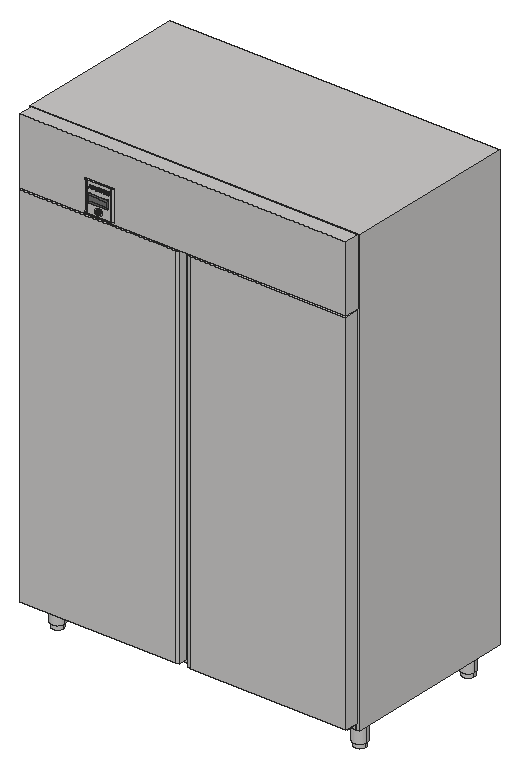
Revit family "QF_ALPENINOX_729653_ARX142FFR", category Specialty Equipment, Revit 2018
Family settings
  Round Connector Dimension = Use Diameter
  Part Type = Normal
  Work Plane-Based = No
  Always vertical = Yes
  Cut with Voids When Loaded = No
  Shared = No
  Room Calculation Point = No
Parameters (values of type "Standard")
  Weight = 190.00 kg
  Watts = 19.5096 W
  Volts = 220 V
  URL Manufacturer = "http://www.alpeninox.com"
  URL = "http://www.alpeninox.com"
  Steam Supply Size = 0 mm
  Steam Supply Minimum Pressure = 0.0 Pa
  Steam Supply Maximum Pressure = 0.0 Pa
  Steam Pounds per Hour = 0
  Refrigeration Suction Line Size = 0.031 mm
  Refrigeration Liquid Line Size = 0.02 mm
  Refrigerant Compressor Remote = yes
  Manufacturer = "Alpeninox"
  Phase = 1
  Model = "ARX142FFR"
  Length Actual = 1441 mm  # constant formula
  Item Number = "729653"
  Hot Water Size = 0 mm
  Height Actual = 2050 mm  # constant formula
  HP = "0.3 HP"
  Gas Size = 0 mm
  Gas KW = 0
  Gas Input Pressure = 0 W
  Description = "2-DOOR FREEZER 1430L -22-15°C, DIGITAL, A304 - REMOTE"
  Depth Actual = 835 mm  # constant formula
  Cycle = 50 Hz
  Condensate Return Size = 0 mm
  Compressed Air Volume = 0.0 L/s
  Compressed Air Size = 0 mm
  Compressed Air Pressure = 0.0 Pa
  Cold Water Size = 0 mm
  Accessory = yes
Reference planes
  plane 1 "Center (Front/Back)": y = 0
  plane 2: z = 0
  plane 3 "Center (Left/Right)": x = 0
  plane 4 "BASE": z = 110
  plane 5 "TOP": z = 2050
  plane 6 "FRONT": y = -417.5
  plane 7 "BACK": y = 417.5
  plane 8 "LEFT": x = -720.5
  plane 9 "RIGHT": x = 720.5
Forms (mm)
  Extrusion 1, solid, material "QF_Finishes_Stainless Steel"
    sketch origin (0, 0, 0) x (1, 0, 0) y (0, 1, 0)
      loop
        circle (-643.5, 344.5) r 25
      loop
        circle (643.5, 344.5) r 25
      loop
        circle (-660.5, -269.5) r 25
      loop
        circle (660.5, -269.5) r 25
      loop
        circle (0, -121) r 25
    from 0 to 20
  Extrusion 2, solid, material "QF_Finishes_Stainless Steel"
    sketch origin (0, 0, 0) x (1, 0, 0) y (0, 1, 0)
      loop
        circle (-643.5, 344.5) r 30
      loop
        circle (643.5, 344.5) r 30
      loop
        circle (660.5, -269.5) r 30
      loop
        circle (-660.5, -269.5) r 30
      loop
        circle (0, -121) r 30
    from 20 to 110
  Extrusion 3, solid, material "QF_Finishes_Stainless Steel"
    sketch origin (0, 0, 110) x (-1, 0, 0) y (0, -1, 0)
      loop
        line (720.5, -417.5) -> (720.5, 345.5) -> (-720.5, 345.5) -> (-720.5, -417.5) -> (720.5, -417.5)
    from 0 to 1940
  Extrusion 4, solid
    sketch origin (0, 417.5, 1685) x (-1, 0, 0) y (0, 0, 1)
      loop
        circle (704.5, 124) r 10
    from 0 to 3.2
  Extrusion 5, solid, material "QF_Door-Drawer Clearances", detail levels coarse
    sketch origin (0, 0, 110) x (-1, 0, 0) y (0, -1, 0)
      loop
        line (-712.5, 409.5) -> (-648.5, 409.5) -> (-648.5, 1006.5) -> (-666.5, 1006.5) -> (-666.5, 1024.5) -> (-688.5, 1024.5) -> (-688.5, 1062.5) -> (-712.5, 1062.5) -> (-712.5, 409.5)
    from 1642.965 to 28
  Extrusion 6, solid, material "QF_Door-Drawer Clearances", detail levels coarse
    sketch origin (0, 0, 110) x (-1, 0, 0) y (0, -1, 0)
      loop
        line (-648.5, 409.5) -> (0, 409.5)
        arc (0, 409.5) -> (-211.9, 875.546) -> (-688.5, 1062.5) r 681.392
        line (-688.5, 1062.5) -> (-688.5, 1024.5) -> (-666.5, 1024.5) -> (-666.5, 1006.5) -> (-648.5, 1006.5) -> (-648.5, 409.5)
    from 1642.965 to 28
  Extrusion 7, solid, material "QF_Clearances", detail levels coarse
    sketch origin (0, 0, 110) x (-1, 0, 0) y (0, -1, 0)
      loop
        line (720.5, 417.5) -> (720.5, -417.5) -> (-720.5, -417.5) -> (-720.5, 417.5) -> (-740.5, 417.5) -> (-740.5, -447.5) -> (740.5, -447.5) -> (740.5, 417.5) -> (720.5, 417.5)
    from -110 to 1940
  Extrusion 8, solid, material "QF_Clearances", detail levels coarse
    sketch origin (0, 0, 2050) x (-1, 0, 0) y (0, -1, 0)
      loop
        line (740.5, -447.5) -> (740.5, 417.5) -> (-740.5, 417.5) -> (-740.5, -447.5) -> (740.5, -447.5)
    from 0 to 500
  Extrusion 9, void
    sketch origin (0, 417.5, 0) x (-1, 0, 0) y (0, 0, 1)
      loop
        line (645.5, 1724) -> (430, 1724) -> (430, 1695) -> (-430, 1695) -> (-430, 1724) -> (-645.5, 1724) -> (-645.5, 180) -> (-322.75, 170.906) -> (0, 180) -> (322.75, 170.906) -> (645.5, 180) -> (645.5, 1724)
    from -56 to -763
  Extrusion 10, solid, material "QF_Door-Drawer Clearances", detail levels coarse
    sketch origin (0, 0, 110) x (1, 0, 0) y (0, 1, 0)
      loop
        line (-712.5, -409.5) -> (-712.5, -1062.5) -> (-688.5, -1062.5) -> (-688.5, -1024.5) -> (-666.5, -1024.5) -> (-666.5, -1006.5) -> (-648.5, -1006.5) -> (-648.5, -409.5) -> (-712.5, -409.5)
    from 1642.965 to 28
  Extrusion 11, solid, material "QF_Door-Drawer Clearances", detail levels coarse
    sketch origin (0, 0, 110) x (1, 0, 0) y (0, 1, 0)
      loop
        line (-648.5, -409.5) -> (-648.5, -1006.5) -> (-666.5, -1006.5) -> (-666.5, -1024.5) -> (-688.5, -1024.5) -> (-688.5, -1062.5)
        arc (-688.5, -1062.5) -> (-211.9, -875.546) -> (0, -409.5) r 681.392
        line (0, -409.5) -> (-648.5, -409.5)
    from 1642.965 to 28
  Extrusion 12, solid, material "QF_Finishes_Stainless Steel"
    sketch origin (0, 417.5, 0) x (-1, 0, 0) y (0, 0, 1)
      loop
        line (40, 170.62) -> (40, 1695) -> (-40, 1695) -> (-40, 170.62) -> (0, 170) -> (40, 170.62)
    from -723 to -763
  Extrusion 13, solid, material "QF_Finishes_Stainless Steel"
    sketch origin (0, 0, 110) x (-1, 0, 0) y (0, -1, 0)
      loop
        circle (322.75, 254.5) r 7.938
      loop
        circle (-322.75, 254.5) r 7.938
    from 0 to -10
  Extrusion 14, solid, material "QF_Finishes_Stainless Steel"
    sketch origin (0, 0, 2050) x (-1, 0, 0) y (0, -1, 0)
      loop
        circle (255.5, 167.5) r 4.75
    from -34.697 to -139.697
  Extrusion 15, solid, material "QF_Finishes_Stainless Steel"
    sketch origin (-720.5, 0, 0) x (0, 1, 0) y (0, 0, 1)
      loop
        circle (-182.5, 1852.63) r 3
    from 500 to 620
Cuts and joins
  joined: Extrusion 7, Extrusion 8
  Extrusion 9 cuts Extrusion 3
Lines and regions (mm)
  symbolic lines, style "SpecialityEquipmentHiddenLines"
    curve 1: line (712.5, -409.5, 110) -> (712.5, -1062.5, 110)
    curve 2: line (712.5, -1062.5, 110) -> (688.5, -1062.5, 110)
    curve 3: line (648.5, -409.5, 110) -> (648.5, -1006.5, 110)
    curve 4: line (688.5, -1062.5, 110) -> (688.5, -1024.5, 110)
    curve 5: line (688.5, -1024.5, 110) -> (666.5, -1024.5, 110)
    curve 6: line (666.5, -1024.5, 110) -> (666.5, -1006.5, 110)
    curve 7: line (666.5, -1006.5, 110) -> (648.5, -1006.5, 110)
    curve 13: arc (0, -409.5, 110) -> (211.9, -875.546, 110) -> (688.5, -1062.5, 110) r 681.392
    curve 14: line (-712.5, -1062.5, 110) -> (-688.5, -1062.5, 110)
    curve 15: line (-648.5, -409.5, 110) -> (-648.5, -1006.5, 110)
    curve 16: line (-688.5, -1062.5, 110) -> (-688.5, -1024.5, 110)
    curve 17: line (-688.5, -1024.5, 110) -> (-666.5, -1024.5, 110)
    curve 18: line (-666.5, -1024.5, 110) -> (-666.5, -1006.5, 110)
    curve 19: line (-666.5, -1006.5, 110) -> (-648.5, -1006.5, 110)
    curve 20: arc (0, -409.5, 110) -> (-211.9, -875.546, 110) -> (-688.5, -1062.5, 110) r 681.392
    curve 21: line (-712.5, -409.5, 110) -> (-712.5, -1062.5, 110)
  symbolic lines, style "QF_Clearances", detail levels coarse
    curve 8: line (-220.5, -417.5, 2050) -> (-740.5, -417.5, 2050)
    curve 9: line (-740.5, -417.5, 2050) -> (-740.5, 447.5, 2050)
    curve 10: line (-740.5, 447.5, 2050) -> (740.5, 447.5, 2050)
    curve 11: line (740.5, 447.5, 2050) -> (740.5, -417.5, 2050)
    curve 12: line (740.5, -417.5, 2050) -> (720.5, -417.5, 2050)
Dimensions and locks
  equal spacing: plane 7 "BACK", plane 1 "Center (Front/Back)", plane 6 "FRONT"
  equal spacing: plane 8 "LEFT", plane 3 "Center (Left/Right)", plane 9 "RIGHT"
  plane 8 "LEFT" to plane 9 "RIGHT" = 1441 mm
  plane 7 "BACK" to plane 6 "FRONT" = 835 mm
  plane 5 "TOP" to plane 2 = 2050 mm
  aligned and locked: level to plane 2
Automatic sketch dimensions
  Extrusion 1 sketch curve to plane 3 "Center (Left/Right)" = 0 mm
  plane 8 "LEFT" to Extrusion 1 sketch curve = 77 mm
  plane 8 "LEFT" to Extrusion 1 sketch curve = 60 mm
  plane 9 "RIGHT" to Extrusion 1 sketch curve = 77 mm
  plane 9 "RIGHT" to Extrusion 1 sketch curve = 60 mm
  plane 6 "FRONT" to Extrusion 1 sketch curve = 148 mm  (x2)
  plane 1 "Center (Front/Back)" to Extrusion 1 sketch curve = 121 mm
  Extrusion 1 sketch curve to plane 7 "BACK" = 73 mm  (x2)
  Extrusion 2 sketch curve to plane 3 "Center (Left/Right)" = 0 mm
  plane 8 "LEFT" to Extrusion 2 sketch curve = 77 mm
  plane 8 "LEFT" to Extrusion 2 sketch curve = 60 mm
  plane 9 "RIGHT" to Extrusion 2 sketch curve = 77 mm
  plane 9 "RIGHT" to Extrusion 2 sketch curve = 60 mm
  plane 6 "FRONT" to Extrusion 2 sketch curve = 148 mm  (x2)
  plane 1 "Center (Front/Back)" to Extrusion 2 sketch curve = 121 mm
  Extrusion 2 sketch curve to plane 7 "BACK" = 73 mm  (x2)
  Extrusion 3 sketch curve to plane 7 "BACK" = 0 mm
  Extrusion 3 sketch curve to plane 9 "RIGHT" = 0 mm
  Extrusion 3 sketch curve to plane 8 "LEFT" = 0 mm
  plane 6 "FRONT" to Extrusion 3 sketch curve = 72 mm
  plane 8 "LEFT" to Extrusion 4 sketch curve = 16 mm
  Extrusion 4 sketch curve to plane 5 "TOP" = 241 mm
  plane 9 "RIGHT" to Extrusion 5 sketch curve = 8 mm
  plane 9 "RIGHT" to Extrusion 5 sketch curve = 32 mm
  Extrusion 5 sketch curve to Extrusion 5 sketch curve = 22 mm
  plane 6 "FRONT" to Extrusion 5 sketch curve = 8 mm
  Extrusion 5 sketch curve to Extrusion 5 sketch curve = 64 mm
  Extrusion 5 sketch curve to plane 6 "FRONT" = 589 mm
  Extrusion 5 sketch curve to Extrusion 5 sketch curve = 18 mm
  Extrusion 5 sketch curve to Extrusion 5 sketch curve = 38 mm
  Extrusion 6 sketch curve to plane 3 "Center (Left/Right)" = 0 mm
  plane 9 "RIGHT" to Extrusion 6 sketch curve = 72 mm
  Extrusion 6 sketch curve to Extrusion 6 sketch curve = 18 mm  (x2)
  plane 9 "RIGHT" to Extrusion 6 sketch curve = 39.698 mm
  Extrusion 6 sketch curve to Extrusion 6 sketch curve = 22 mm
  plane 6 "FRONT" to Extrusion 6 sketch curve = 36.349 mm
  plane 6 "FRONT" to Extrusion 6 sketch curve = 8 mm
  Extrusion 6 sketch curve to Extrusion 6 sketch curve = 56 mm
  Extrusion 7 sketch curve to plane 6 "FRONT" = 0 mm  (x2)
  Extrusion 7 sketch curve to plane 7 "BACK" = 0 mm
  Extrusion 7 sketch curve to plane 9 "RIGHT" = 0 mm
  Extrusion 7 sketch curve to plane 8 "LEFT" = 0 mm
  Extrusion 7 sketch curve to plane 9 "RIGHT" = 20 mm
  Extrusion 7 sketch curve to Extrusion 7 sketch curve = 20 mm
  plane 7 "BACK" to Extrusion 7 sketch curve = 30 mm
  Extrusion 8 sketch curve to plane 6 "FRONT" = 0 mm
  Extrusion 8 sketch curve to plane 9 "RIGHT" = 20 mm
  Extrusion 8 sketch curve to plane 8 "LEFT" = 20 mm
  plane 7 "BACK" to Extrusion 8 sketch curve = 30 mm
  Extrusion 10 sketch curve to plane 8 "LEFT" = 8 mm
  Extrusion 10 sketch curve to plane 8 "LEFT" = 32 mm
  Extrusion 10 sketch curve to Extrusion 10 sketch curve = 22 mm
  Extrusion 10 sketch curve to plane 6 "FRONT" = 8 mm
  Extrusion 10 sketch curve to Extrusion 10 sketch curve = 64 mm
  plane 6 "FRONT" to Extrusion 10 sketch curve = 589 mm
  Extrusion 10 sketch curve to Extrusion 10 sketch curve = 18 mm
  Extrusion 10 sketch curve to Extrusion 10 sketch curve = 38 mm
  Extrusion 11 sketch curve to plane 3 "Center (Left/Right)" = 0 mm
  Extrusion 11 sketch curve to plane 8 "LEFT" = 72 mm
  Extrusion 11 sketch curve to Extrusion 11 sketch curve = 18 mm  (x2)
  Extrusion 11 sketch curve to plane 8 "LEFT" = 39.698 mm
  Extrusion 11 sketch curve to Extrusion 11 sketch curve = 22 mm
  Extrusion 11 sketch curve to plane 6 "FRONT" = 36.349 mm
  Extrusion 11 sketch curve to plane 6 "FRONT" = 8 mm
  Extrusion 11 sketch curve to Extrusion 11 sketch curve = 56 mm
  Extrusion 12 sketch curve to plane 3 "Center (Left/Right)" = 0 mm
  plane 3 "Center (Left/Right)" to Extrusion 12 sketch curve = 40 mm
  Extrusion 12 sketch curve to plane 3 "Center (Left/Right)" = 40 mm
  plane 4 "BASE" to Extrusion 12 sketch curve = 60 mm
  Extrusion 12 sketch curve to Extrusion 12 sketch curve = 0.62 mm  (x2)
  Extrusion 12 sketch curve to Extrusion 12 sketch curve = 1524.38 mm
  Extrusion 9 sketch curve to plane 3 "Center (Left/Right)" = 0 mm
  plane 4 "BASE" to Extrusion 9 sketch curve = 60.906 mm  (x2)
  plane 3 "Center (Left/Right)" to Extrusion 9 sketch curve = 322.75 mm
  plane 9 "RIGHT" to Extrusion 9 sketch curve = 290.5 mm
  plane 9 "RIGHT" to Extrusion 9 sketch curve = 75 mm
  Extrusion 9 sketch curve to plane 3 "Center (Left/Right)" = 322.75 mm
  plane 8 "LEFT" to Extrusion 9 sketch curve = 290.5 mm
  plane 8 "LEFT" to Extrusion 9 sketch curve = 75 mm
  plane 4 "BASE" to Extrusion 9 sketch curve = 70 mm  (x3)
  Extrusion 9 sketch curve to plane 5 "TOP" = 355 mm
  Extrusion 9 sketch curve to Extrusion 9 sketch curve = 29 mm  (x2)
  plane 3 "Center (Left/Right)" to Extrusion 13 sketch curve = 322.75 mm
  Extrusion 13 sketch curve to plane 3 "Center (Left/Right)" = 322.75 mm
  plane 6 "FRONT" to Extrusion 13 sketch curve = 163 mm  (x2)
  curve 13 to plane 3 "Center (Left/Right)" = 0 mm
  plane 9 "RIGHT" to curve 7 = 72 mm
  curve 5 to curve 3 = 18 mm
  plane 9 "RIGHT" to curve 13 = 39.698 mm
  curve 4 to curve 5 = 22 mm
  plane 9 "RIGHT" to curve 1 = 8 mm
  plane 8 "LEFT" to curve 15 = 72 mm
  curve 15 to curve 18 = 18 mm
  plane 8 "LEFT" to curve 20 = 39.698 mm
  curve 17 to curve 17 = 22 mm
  plane 8 "LEFT" to curve 14 = 8 mm
  plane 6 "FRONT" to curve 20 = 36.349 mm
  plane 6 "FRONT" to curve 13 = 36.349 mm
  curve 6 to plane 6 "FRONT" = 589 mm
  curve 15 to plane 6 "FRONT" = 589 mm
  curve 6 to curve 6 = 18 mm
  curve 18 to curve 16 = 18 mm
  curve 4 to curve 4 = 38 mm
  plane 6 "FRONT" to curve 21 = 8 mm
  plane 6 "FRONT" to curve 15 = 8 mm
  plane 6 "FRONT" to curve 3 = 8 mm
  plane 6 "FRONT" to curve 1 = 8 mm
  plane 1 "Center (Front/Back)" to Extrusion 14 sketch curve = 167.5 mm
  Extrusion 14 sketch curve to plane 3 "Center (Left/Right)" = 255.5 mm
  curve 12 to plane 6 "FRONT" = 0 mm
  curve 12 to plane 9 "RIGHT" = 0 mm
  curve 8 to plane 6 "FRONT" = 0 mm
  curve 11 to curve 12 = 20 mm
  curve 9 to plane 8 "LEFT" = 20 mm
  plane 7 "BACK" to curve 10 = 30 mm
  curve 8 to plane 3 "Center (Left/Right)" = 220.5 mm
  Extrusion 15 sketch curve to plane 5 "TOP" = 197.37 mm
  plane 1 "Center (Front/Back)" to Extrusion 15 sketch curve = 182.5 mm
  radius of Extrusion 1 sketch curve = 25 mm  (x5)
  radius of Extrusion 2 sketch curve = 30 mm  (x5)
  radius of Extrusion 4 sketch curve = 10 mm
  radius of Extrusion 13 sketch curve = 7.938 mm  (x2)
  radius of Extrusion 14 sketch curve = 4.75 mm
  radius of Extrusion 15 sketch curve = 3 mm
Nested families
  nested 1: "QF_729122_Door" at (0, -345.5, 968.365) x (1, 0, 0) z (0, -1, 0), type "QF_729122_Door"
    with Show Clearance yes
  nested 2: "Freezer" at (720.5, -417.5, 2050), type "Freezer"
Connectors
  electrical at (-704.5, 420.7, 1809), driven by "Volts"
    settings: on Extrusion 4, index 2, voltage 220 V, apparent load 0 VA, apparent load phase1 0 VA, apparent load phase2 0 VA, apparent load phase3 0 VA, power factor 1, load classification "Other", number of poles 1, system type 30, power factor state 1, is connector primary yes, connector utility no, sub classification motor no, connector description "Electrical Connection"
  piping at (322.75, -254.5, 100), diameter 15.875
    settings: on Extrusion 13, index 3, connector inside diameter 609.6 mm, connector length 0 mm, flow factor 0, pipe flow 0.0 L/s, pressure drop 0.0 Pa, fitting loss kfactor 0, connector angle 0.00°, fixture units 0, engagement length 0 mm, angle of deflection 0.00°, flow configuration 1, flow direction 2, fitting loss method 0, system type 16, joint type 0, gender type 0, connector reference index -1, connector utility 0, adjustable connector no, is connector primary yes, connector description "Drain"
  piping at (-322.75, -254.5, 100), diameter 15.875
    settings: on Extrusion 13, index 4, connector inside diameter 609.6 mm, connector length 0 mm, flow factor 0, pipe flow 0.0 L/s, pressure drop 0.0 Pa, fitting loss kfactor 0, connector angle 0.00°, fixture units 0, engagement length 0 mm, angle of deflection 0.00°, flow configuration 1, flow direction 2, fitting loss method 0, system type 16, joint type 0, gender type 0, connector reference index -1, connector utility 0, adjustable connector no, is connector primary no, connector description "Drain"
  piping at (-220.5, -182.5, 1852.63), diameter 6
    settings: on Extrusion 15, index 5, connector inside diameter 609.6 mm, connector length 0 mm, flow factor 0, pipe flow 0.0 L/s, pressure drop 0.0 Pa, fitting loss kfactor 0, connector angle 0.00°, fixture units 0, engagement length 0 mm, angle of deflection 0.00°, flow configuration 1, flow direction 1, fitting loss method 0, system type 7, joint type 0, gender type 0, connector reference index -1, connector utility 0, adjustable connector no, is connector primary no, connector description "Refrigerant Inlet"
  piping at (-255.5, -167.5, 2015.303), diameter 9.5
    settings: on Extrusion 14, index 6, connector inside diameter 609.6 mm, connector length 0 mm, flow factor 0, pipe flow 0.0 L/s, pressure drop 0.0 Pa, fitting loss kfactor 0, connector angle 0.00°, fixture units 0, engagement length 0 mm, angle of deflection 0.00°, flow configuration 1, flow direction 2, fitting loss method 0, system type 8, joint type 0, gender type 0, connector reference index -1, connector utility 0, adjustable connector no, is connector primary no, connector description "Refrigerant Outlet"
Definition of nested family "QF_729122_Door"
  Parameters
    Show Clearance [instance] = yes
    Model = "729050"
    Default Elevation = 1219.2 mm
  Reference planes
    plane 1 "Center (Front/Back)": y = 0
    plane 2: z = 0
    plane 3 "Center (Left/Right)": x = 0
    plane 4 "panel": z = 64
  Forms (mm)
    Extrusion 1, solid
      sketch origin (0, -919.2, 0) x (1, 0, 0) y (0, 1, 0)
        loop
          line (-980.5, 2119.2) -> (-980.5, -162.846) -> (881.94, -162.846) -> (881.94, 2119.2) -> (-980.5, 2119.2)
      from 0 to -59.546
    Extrusion 2, solid
      sketch origin (365.5, 0, 0) x (1, 0, 0) y (0, 0, 1)
        loop
          line (-347, 26) -> (-325, 26) -> (-325, 8) -> (-307, 8) -> (-307, 0) -> (339, 0) -> (339, 8) -> (347, 8) -> (347, 64) -> (-332, 64) -> (-347, 60) -> (-347, 26)
      from -784.6 to 830.4
    Extrusion 3, solid
      sketch origin (484.5, -516.365, 0) x (0, 1, 0) y (0, 0, 1)
        loop
          line (-323.003, 40.312) -> (-316.501, 40.312) -> (-316.501, 42.812) -> (-325.503, 42.812) -> (-325.503, 2.5) -> (-342, 2.5) -> (-342, 0) -> (-323.003, 0) -> (-323.003, 12.259) -> (-323.003, 40.312)
        loop
          line (-314, 38.311) -> (-316.501, 38.311) -> (-316.501, 14.304) -> (-319.752, 14.304) -> (-319.752, 11.804) -> (-314, 11.804) -> (-314, 38.311)
      from 185 to 220
    Extrusion 4, solid
      sketch origin (484.5, 469.597, 0) x (0, 1, 0) y (0, 0, 1)
        loop
          line (315.003, 27.948) -> (315.003, 2.948) -> (315.003, 0) -> (322.003, 0) -> (322.003, 2.5) -> (317.503, 2.5) -> (317.503, 27.948) -> (315.003, 27.948)
      from 185 to 220
    Extrusion 5, solid
      sketch origin (-365.5, 0, 0) x (-1, 0, 0) y (0, 0, -1)
        loop
          line (-1078, -64) -> (347, -64) -> (347, 0) -> (-1078, 0) -> (-1078, -64)
      from -1081.6 to -791.6
    Extrusion 6, solid
      sketch origin (-365.5, 0, 0) x (-1, 0, 0) y (0, 0, -1)
        loop
          line (-347, -26) -> (-347, -60) -> (-332, -64) -> (347, -64) -> (347, -8) -> (339, -8) -> (339, 0) -> (-307, 0) -> (-307, -8) -> (-325, -8) -> (-325, -26) -> (-347, -26)
      from -784.6 to 830.4
    Extrusion 7, solid
      sketch origin (-484.5, -516.365, 0) x (0, 1, 0) y (0, 0, -1)
        loop
          line (-323.003, -40.312) -> (-323.003, -12.259) -> (-323.003, 0) -> (-342, 0) -> (-342, -2.5) -> (-325.503, -2.5) -> (-325.503, -42.812) -> (-316.501, -42.812) -> (-316.501, -40.312) -> (-323.003, -40.312)
        loop
          line (-314, -38.311) -> (-314, -11.804) -> (-319.752, -11.804) -> (-319.752, -14.304) -> (-316.501, -14.304) -> (-316.501, -38.311) -> (-314, -38.311)
      from 185 to 220
    Extrusion 8, solid
      sketch origin (-484.5, 469.597, 0) x (0, 1, 0) y (0, 0, -1)
        loop
          line (315.003, -27.948) -> (317.503, -27.948) -> (317.503, -2.5) -> (322.003, -2.5) -> (322.003, 0) -> (315.003, 0) -> (315.003, -2.948) -> (315.003, -27.948)
      from 185 to 220
  Lines and regions (mm)
    symbolic lines
      curve 1: line (-712.5, 0, 64) -> (712.5, 0, 64)
      curve 2: line (712.5, 0, 0) -> (-712.5, 0, 0)
      curve 3: line (712.5, 0, 64) -> (712.5, 0, 0)
      curve 4: line (704.5, 0, 8) -> (712.5, 0, 8)
      curve 5: line (704.5, 0, 8) -> (704.5, 0, 0)
      curve 6: line (-376.111, 0, 72) -> (-356.111, 0, 72)
      curve 7: line (-376.111, 0, 66) -> (-376.111, 0, 72)
      curve 8: line (-356.111, 0, 72) -> (-356.111, 0, 66)
      curve 9: line (-380.111, 0, 66) -> (-352.111, 0, 66)
      curve 10: line (-380.111, 0, 64) -> (-380.111, 0, 66)
      curve 11: line (-352.111, 0, 66) -> (-352.111, 0, 64)
      curve 12: line (-712.5, 0, 64) -> (-712.5, 0, 0)
      curve 13: line (-704.5, 0, 8) -> (-712.5, 0, 8)
      curve 14: line (-704.5, 0, 8) -> (-704.5, 0, 0)
  Dimensions and locks
    aligned and locked: plane 2 to Extrusion 1
    aligned and locked: level to Extrusion 1
  Nested families
    nested 1: "QF_DisplayStandardCabinets" at (-365.5, 863.6, 64), type "QF_DisplayStandardCabinets"
      with Show Clearance yes
  Definition of nested family "QF_DisplayStandardCabinets"
    Parameters
      Show Clearance [instance] = yes
      Model = ""
      Default Elevation = 0 mm
    Reference planes
      plane 1 "Center (Front/Back)": y = 0
      plane 2: z = 0
      plane 3 "Center (Left/Right)": x = 0
    Forms (mm)
      Extrusion 1, solid
        sketch origin (0, -919.2, 0) x (1, 0, 0) y (0, 1, 0)
          loop
            line (-198.75, 1146.2) -> (-198.75, 709.567) -> (165.741, 709.567) -> (165.741, 1146.2) -> (-198.75, 1146.2)
        from 0 to -59.546
      Extrusion 2, solid
        sketch origin (-59, -44.611, 0) x (0, 1, 0) y (-1, 0, 0)
          loop
            circle (0.611, -59) r 14
        from 5 to 7
      Extrusion 3, solid
        sketch origin (744.635, 320.889, 0) x (0, 1, 0) y (-1, 0, 0)
          loop
            circle (-364.889, 744.635) r 10
          loop
            circle (-364.889, 744.635) r 9
        from 5 to 8
      Extrusion 4, solid
        sketch origin (744.635, 320.889, 0) x (0, 1, 0) y (-1, 0, 0)
          loop
            circle (-364.889, 744.635) r 8.7
        from 5 to 8
      Extrusion 5, void
        sketch origin (744.635, 320.889, 0) x (0, 1, 0) y (-1, 0, 0)
          loop
            line (-372.339, 745.885) -> (-372.339, 743.385) -> (-362.339, 743.385) -> (-362.339, 745.885) -> (-372.339, 745.885)
        from 8.592 to 6.269
      Extrusion 6, solid
        sketch origin (365.5, -639.265, 0) x (1, 0, 0) y (0, 1, 0)
          loop
            line (-406.708, 687.579) -> (-410.067, 678.56)
            arc (-410.067, 678.56) -> (-409.36, 676.922) -> (-407.754, 677.698) r 1.236
            line (-407.754, 677.698) -> (-407.242, 679.273) -> (-402.595, 679.273) -> (-402.091, 677.715)
            arc (-402.091, 677.715) -> (-400.528, 676.963) -> (-399.851, 678.56) r 1.198
            line (-399.851, 678.56) -> (-403.129, 687.579)
            arc (-403.129, 687.579) -> (-404.919, 688.953) -> (-406.708, 687.579) r 1.853
          loop
            line (-404.916, 686.416) -> (-406.523, 681.56) -> (-403.345, 681.56) -> (-404.916, 686.416)
          loop
            arc (-398.643, 678.312) -> (-398.245, 677.351) -> (-397.284, 676.953) r 1.359
            line (-397.284, 676.953) -> (-393.161, 676.953)
            arc (-393.161, 676.953) -> (-392.018, 678.096) -> (-393.161, 679.239) r 1.143
            line (-393.161, 679.239) -> (-396.136, 679.239) -> (-396.136, 687.561)
            arc (-396.136, 687.561) -> (-397.39, 688.814) -> (-398.643, 687.561) r 1.253
            line (-398.643, 687.561) -> (-398.643, 678.312)
          loop
            line (-390.884, 687.462) -> (-390.884, 678.147)
            arc (-390.884, 678.147) -> (-389.631, 676.894) -> (-388.378, 678.147) r 1.253
            line (-388.378, 678.147) -> (-388.378, 680.865) -> (-386.522, 680.865)
            arc (-386.522, 680.865) -> (-383.621, 681.743) -> (-382.37, 684.503) r 3.67
            arc (-382.37, 684.503) -> (-383.616, 687.51) -> (-386.622, 688.755) r 4.252
            line (-386.622, 688.755) -> (-389.59, 688.755)
            arc (-389.59, 688.755) -> (-390.505, 688.376) -> (-390.884, 687.462) r 1.293
          loop
            line (-388.378, 683.051) -> (-386.668, 683.051)
            arc (-386.668, 683.051) -> (-384.911, 684.809) -> (-386.668, 686.566) r 1.757
            line (-386.668, 686.566) -> (-388.378, 686.566) -> (-388.378, 683.051)
          loop
            arc (-372.997, 683.967) -> (-373.735, 685.647) -> (-375.32, 686.572) r 2.967
            arc (-375.32, 686.572) -> (-377.645, 686.062) -> (-378.776, 683.967) r 2.856
            line (-378.776, 683.967) -> (-372.997, 683.967)
          loop
            line (-378.711, 681.639) -> (-372.422, 681.639)
            arc (-372.422, 681.639) -> (-371.296, 681.795) -> (-370.405, 682.5) r 2.158
            arc (-370.405, 682.5) -> (-370.274, 683.259) -> (-370.325, 684.028) r 3.268
            arc (-370.325, 684.028) -> (-372.26, 687.411) -> (-375.88, 688.856) r 5.916
            arc (-375.88, 688.856) -> (-379.952, 687.001) -> (-381.519, 682.809) r 5.846
            arc (-381.519, 682.809) -> (-380.273, 678.983) -> (-376.79, 676.969) r 5.622
            arc (-376.79, 676.969) -> (-374.56, 676.949) -> (-372.422, 677.583) r 7.518
            arc (-372.422, 677.583) -> (-371.453, 678.077) -> (-370.711, 678.873) r 3.135
            arc (-370.711, 678.873) -> (-370.511, 679.705) -> (-370.879, 680.478) r 1.282
            arc (-370.879, 680.478) -> (-371.364, 680.757) -> (-371.924, 680.758) r 1.082
            arc (-371.924, 680.758) -> (-372.298, 680.603) -> (-372.619, 680.356) r 1.55
            arc (-372.619, 680.356) -> (-373.431, 679.807) -> (-374.312, 679.379) r 6.834
            arc (-374.312, 679.379) -> (-377.036, 679.488) -> (-378.711, 681.639) r 3.237
          loop
            line (-368.938, 687.561) -> (-368.938, 678.147)
            arc (-368.938, 678.147) -> (-367.683, 676.892) -> (-366.428, 678.147) r 1.255
            line (-366.428, 678.147) -> (-366.428, 684.375) -> (-361.094, 677.401)
            arc (-361.094, 677.401) -> (-359.669, 676.934) -> (-358.786, 678.147) r 1.275
            line (-358.786, 678.147) -> (-358.786, 687.561)
            arc (-358.786, 687.561) -> (-360.041, 688.815) -> (-361.295, 687.561) r 1.254
            line (-361.295, 687.561) -> (-361.295, 681.251) -> (-366.628, 688.306)
            arc (-366.628, 688.306) -> (-368.054, 688.774) -> (-368.938, 687.561) r 1.275
          loop
            arc (-357.218, 678.147) -> (-355.965, 676.893) -> (-354.711, 678.147) r 1.254
            line (-354.711, 678.147) -> (-354.711, 687.561)
            arc (-354.711, 687.561) -> (-355.965, 688.815) -> (-357.218, 687.561) r 1.254
            line (-357.218, 687.561) -> (-357.218, 678.147)
          loop
            line (-353.142, 687.561) -> (-353.142, 678.147)
            arc (-353.142, 678.147) -> (-351.887, 676.892) -> (-350.632, 678.147) r 1.255
            line (-350.632, 678.147) -> (-350.632, 684.375) -> (-345.298, 677.401)
            arc (-345.298, 677.401) -> (-343.873, 676.934) -> (-342.99, 678.147) r 1.275
            line (-342.99, 678.147) -> (-342.99, 687.561)
            arc (-342.99, 687.561) -> (-344.245, 688.815) -> (-345.499, 687.561) r 1.254
            line (-345.499, 687.561) -> (-345.499, 681.251) -> (-350.832, 688.306)
            arc (-350.832, 688.306) -> (-352.258, 688.774) -> (-353.142, 687.561) r 1.275
          loop
            arc (-341.671, 682.854) -> (-341.019, 679.961) -> (-339.083, 677.715) r 6.12
            arc (-339.083, 677.715) -> (-337.577, 676.985) -> (-335.919, 676.754) r 5.355
            arc (-335.919, 676.754) -> (-334.262, 676.985) -> (-332.756, 677.715) r 5.355
            arc (-332.756, 677.715) -> (-330.82, 679.961) -> (-330.168, 682.854) r 6.12
            arc (-330.168, 682.854) -> (-330.82, 685.746) -> (-332.756, 687.992) r 6.12
            arc (-332.756, 687.992) -> (-334.262, 688.723) -> (-335.919, 688.953) r 5.355
            arc (-335.919, 688.953) -> (-337.577, 688.723) -> (-339.083, 687.992) r 5.355
            arc (-339.083, 687.992) -> (-341.019, 685.746) -> (-341.671, 682.854) r 6.12
          loop
            arc (-339.045, 682.854) -> (-338.787, 681.162) -> (-337.837, 679.739) r 3.945
            arc (-337.837, 679.739) -> (-336.943, 679.217) -> (-335.919, 679.066) r 2.729
            arc (-335.919, 679.066) -> (-334.895, 679.217) -> (-334.001, 679.739) r 2.729
            arc (-334.001, 679.739) -> (-333.051, 681.162) -> (-332.793, 682.854) r 3.945
            arc (-332.793, 682.854) -> (-333.051, 684.545) -> (-334.001, 685.969) r 3.945
            arc (-334.001, 685.969) -> (-334.895, 686.49) -> (-335.919, 686.641) r 2.729
            arc (-335.919, 686.641) -> (-336.943, 686.49) -> (-337.837, 685.969) r 2.729
            arc (-337.837, 685.969) -> (-338.787, 684.545) -> (-339.045, 682.854) r 3.945
          loop
            line (-329.53, 686.914) -> (-326.821, 683.266) -> (-330.133, 678.86)
            arc (-330.133, 678.86) -> (-329.866, 677.098) -> (-328.109, 677.401) r 1.248
            line (-328.109, 677.401) -> (-325.368, 681.18) -> (-322.626, 677.401)
            arc (-322.626, 677.401) -> (-320.87, 677.098) -> (-320.602, 678.86) r 1.248
            line (-320.602, 678.86) -> (-323.915, 683.266) -> (-321.205, 686.914)
            arc (-321.205, 686.914) -> (-321.536, 688.702) -> (-323.295, 688.241) r 1.241
            line (-323.295, 688.241) -> (-325.368, 685.324) -> (-327.441, 688.241)
            arc (-327.441, 688.241) -> (-329.199, 688.702) -> (-329.53, 686.914) r 1.241
        from 2.5 to 4.32
      Extrusion 7, void
        sketch origin (365.5, -639.265, 0) x (1, 0, 0) y (0, 1, 0)
          loop
            line (-406.708, 687.579) -> (-410.067, 678.56)
            arc (-410.067, 678.56) -> (-409.36, 676.922) -> (-407.754, 677.698) r 1.236
            line (-407.754, 677.698) -> (-407.242, 679.273) -> (-402.595, 679.273) -> (-402.091, 677.715)
            arc (-402.091, 677.715) -> (-400.528, 676.963) -> (-399.851, 678.56) r 1.198
            line (-399.851, 678.56) -> (-403.129, 687.579)
            arc (-403.129, 687.579) -> (-404.919, 688.953) -> (-406.708, 687.579) r 1.853
          loop
            line (-404.916, 686.416) -> (-406.523, 681.56) -> (-403.345, 681.56) -> (-404.916, 686.416)
          loop
            arc (-398.643, 678.312) -> (-398.245, 677.351) -> (-397.284, 676.953) r 1.359
            line (-397.284, 676.953) -> (-393.161, 676.953)
            arc (-393.161, 676.953) -> (-392.018, 678.096) -> (-393.161, 679.239) r 1.143
            line (-393.161, 679.239) -> (-396.136, 679.239) -> (-396.136, 687.561)
            arc (-396.136, 687.561) -> (-397.39, 688.814) -> (-398.643, 687.561) r 1.253
            line (-398.643, 687.561) -> (-398.643, 678.312)
          loop
            line (-390.884, 687.462) -> (-390.884, 678.147)
            arc (-390.884, 678.147) -> (-389.631, 676.894) -> (-388.378, 678.147) r 1.253
            line (-388.378, 678.147) -> (-388.378, 680.865) -> (-386.522, 680.865)
            arc (-386.522, 680.865) -> (-383.621, 681.743) -> (-382.37, 684.503) r 3.67
            arc (-382.37, 684.503) -> (-383.616, 687.51) -> (-386.622, 688.755) r 4.252
            line (-386.622, 688.755) -> (-389.59, 688.755)
            arc (-389.59, 688.755) -> (-390.505, 688.376) -> (-390.884, 687.462) r 1.293
          loop
            line (-388.378, 683.051) -> (-386.668, 683.051)
            arc (-386.668, 683.051) -> (-384.911, 684.809) -> (-386.668, 686.566) r 1.757
            line (-386.668, 686.566) -> (-388.378, 686.566) -> (-388.378, 683.051)
          loop
            arc (-372.997, 683.967) -> (-373.735, 685.647) -> (-375.32, 686.572) r 2.967
            arc (-375.32, 686.572) -> (-377.645, 686.062) -> (-378.776, 683.967) r 2.856
            line (-378.776, 683.967) -> (-372.997, 683.967)
          loop
            line (-378.711, 681.639) -> (-372.422, 681.639)
            arc (-372.422, 681.639) -> (-371.296, 681.795) -> (-370.405, 682.5) r 2.158
            arc (-370.405, 682.5) -> (-370.274, 683.259) -> (-370.325, 684.028) r 3.268
            arc (-370.325, 684.028) -> (-372.26, 687.411) -> (-375.88, 688.856) r 5.916
            arc (-375.88, 688.856) -> (-379.952, 687.001) -> (-381.519, 682.809) r 5.846
            arc (-381.519, 682.809) -> (-380.273, 678.983) -> (-376.79, 676.969) r 5.622
            arc (-376.79, 676.969) -> (-374.56, 676.949) -> (-372.422, 677.583) r 7.518
            arc (-372.422, 677.583) -> (-371.453, 678.077) -> (-370.711, 678.873) r 3.135
            arc (-370.711, 678.873) -> (-370.511, 679.705) -> (-370.879, 680.478) r 1.282
            arc (-370.879, 680.478) -> (-371.364, 680.757) -> (-371.924, 680.758) r 1.082
            arc (-371.924, 680.758) -> (-372.298, 680.603) -> (-372.619, 680.356) r 1.55
            arc (-372.619, 680.356) -> (-373.431, 679.807) -> (-374.312, 679.379) r 6.834
            arc (-374.312, 679.379) -> (-377.036, 679.488) -> (-378.711, 681.639) r 3.237
          loop
            line (-368.938, 687.561) -> (-368.938, 678.147)
            arc (-368.938, 678.147) -> (-367.105, 676.314) -> (-365.272, 678.147) r 1.833
            line (-365.272, 678.147) -> (-365.272, 682.863) -> (-361.094, 677.401)
            arc (-361.094, 677.401) -> (-359.669, 676.934) -> (-358.786, 678.147) r 1.275
            line (-358.786, 678.147) -> (-358.786, 687.561)
            arc (-358.786, 687.561) -> (-360.041, 688.815) -> (-361.295, 687.561) r 1.254
            line (-361.295, 687.561) -> (-361.295, 681.251) -> (-366.628, 688.306)
            arc (-366.628, 688.306) -> (-368.054, 688.774) -> (-368.938, 687.561) r 1.275
          loop
            arc (-357.218, 678.147) -> (-355.965, 676.893) -> (-354.711, 678.147) r 1.254
            line (-354.711, 678.147) -> (-354.711, 687.561)
            arc (-354.711, 687.561) -> (-355.965, 688.815) -> (-357.218, 687.561) r 1.254
            line (-357.218, 687.561) -> (-357.218, 678.147)
          loop
            line (-353.142, 687.561) -> (-353.142, 678.147)
            arc (-353.142, 678.147) -> (-351.887, 676.892) -> (-350.632, 678.147) r 1.255
            line (-350.632, 678.147) -> (-350.632, 684.375) -> (-345.298, 677.401)
            arc (-345.298, 677.401) -> (-343.873, 676.934) -> (-342.99, 678.147) r 1.275
            line (-342.99, 678.147) -> (-342.99, 687.561)
            arc (-342.99, 687.561) -> (-344.245, 688.815) -> (-345.499, 687.561) r 1.254
            line (-345.499, 687.561) -> (-345.499, 681.251) -> (-350.832, 688.306)
            arc (-350.832, 688.306) -> (-352.258, 688.774) -> (-353.142, 687.561) r 1.275
          loop
            arc (-341.671, 682.854) -> (-341.019, 679.961) -> (-339.083, 677.715) r 6.12
            arc (-339.083, 677.715) -> (-337.577, 676.985) -> (-335.919, 676.754) r 5.355
            arc (-335.919, 676.754) -> (-334.262, 676.985) -> (-332.756, 677.715) r 5.355
            arc (-332.756, 677.715) -> (-330.82, 679.961) -> (-330.168, 682.854) r 6.12
            arc (-330.168, 682.854) -> (-330.82, 685.746) -> (-332.756, 687.992) r 6.12
            arc (-332.756, 687.992) -> (-334.262, 688.723) -> (-335.919, 688.953) r 5.355
            arc (-335.919, 688.953) -> (-337.577, 688.723) -> (-339.083, 687.992) r 5.355
            arc (-339.083, 687.992) -> (-341.019, 685.746) -> (-341.671, 682.854) r 6.12
          loop
            arc (-339.045, 682.854) -> (-338.787, 681.162) -> (-337.837, 679.739) r 3.945
            arc (-337.837, 679.739) -> (-336.943, 679.217) -> (-335.919, 679.066) r 2.729
            arc (-335.919, 679.066) -> (-334.895, 679.217) -> (-334.001, 679.739) r 2.729
            arc (-334.001, 679.739) -> (-333.051, 681.162) -> (-332.793, 682.854) r 3.945
            arc (-332.793, 682.854) -> (-333.051, 684.545) -> (-334.001, 685.969) r 3.945
            arc (-334.001, 685.969) -> (-334.895, 686.49) -> (-335.919, 686.641) r 2.729
            arc (-335.919, 686.641) -> (-336.943, 686.49) -> (-337.837, 685.969) r 2.729
            arc (-337.837, 685.969) -> (-338.787, 684.545) -> (-339.045, 682.854) r 3.945
          loop
            line (-329.53, 686.914) -> (-326.821, 683.266) -> (-330.133, 678.86)
            arc (-330.133, 678.86) -> (-329.866, 677.098) -> (-328.109, 677.401) r 1.248
            line (-328.109, 677.401) -> (-325.368, 681.18) -> (-322.626, 677.401)
            arc (-322.626, 677.401) -> (-320.87, 677.098) -> (-320.602, 678.86) r 1.248
            line (-320.602, 678.86) -> (-323.915, 683.266) -> (-321.205, 686.914)
            arc (-321.205, 686.914) -> (-321.536, 688.702) -> (-323.295, 688.241) r 1.241
            line (-323.295, 688.241) -> (-325.368, 685.324) -> (-327.441, 688.241)
            arc (-327.441, 688.241) -> (-329.199, 688.702) -> (-329.53, 686.914) r 1.241
        from 4 to 2.2
      Blend 8, solid
        base sketch origin (365.719, -803.635, 0) x (1, 0, 0) y (0, 1, 0)
          loop
            arc (-424.229, 873.635) -> (-428.653, 871.803) -> (-430.485, 867.38) r 6.255
            line (-430.485, 867.38) -> (-430.485, 739.89)
            arc (-430.485, 739.89) -> (-428.653, 735.467) -> (-424.229, 733.635) r 6.255
            line (-424.229, 733.635) -> (-307.728, 733.635)
            arc (-307.728, 733.635) -> (-303.305, 735.467) -> (-301.473, 739.89) r 6.255
            line (-301.473, 739.89) -> (-301.473, 867.38)
            arc (-301.473, 867.38) -> (-303.305, 871.803) -> (-307.728, 873.635) r 6.255
            line (-307.728, 873.635) -> (-424.229, 873.635)
        top sketch origin (365.719, -803.635, 0) x (1, 0, 0) y (0, 1, 0)
          loop
            line (-418.756, 738.326) -> (-313.201, 738.326) -> (-313.201, 868.943) -> (-418.756, 868.943) -> (-418.756, 738.326)
        from 0 to 4
      Extrusion 9, solid
        sketch origin (744.635, 320.889, 0) x (0, 1, 0) y (-1, 0, 0)
          loop
            line (-372.339, 745.885) -> (-372.339, 743.385) -> (-362.339, 743.385) -> (-362.339, 745.885) -> (-372.339, 745.885)
        from 6 to 8
      Extrusion 10, void
        sketch origin (0, 0, 0) x (1, 0, 0) y (0, 1, 0)
          loop
            line (-53.037, 65.309) -> (-53.037, -65.309) -> (52.518, -65.309) -> (52.518, 65.309) -> (-53.037, 65.309)
        from 5 to 2
      Extrusion 11, solid
        sketch origin (0, 0, 0) x (1, 0, 0) y (0, 1, 0)
          loop
            line (-51.473, 63.745) -> (-51.473, -63.745) -> (50.954, -63.745) -> (50.954, 63.745) -> (-51.473, 63.745)
        from 2.2 to 4
      Extrusion 12, solid
        sketch origin (0, -30, 0) x (0, 1, 0) y (0, 0, 1)
          loop
            line (10.404, 4) -> (17.404, 4) -> (17.404, 8)
            arc (17.404, 8) -> (13.868, 7.749) -> (10.404, 7) r 25
            line (10.404, 7) -> (10.404, 4)
          loop
            arc (47.404, 7) -> (43.939, 7.749) -> (40.404, 8) r 25
            line (40.404, 8) -> (40.404, 4) -> (47.404, 4) -> (47.404, 7)
        from 40 to -40
      Extrusion 13, solid
        sketch origin (0, -30, 0) x (1, 0, 0) y (0, 1, 0)
          loop
            line (-40, 40.404) -> (-40, 17.404) -> (40, 17.404) -> (40, 40.404) -> (-40, 40.404)
        from 8 to 4
    Cuts and joins
      Extrusion 5 cuts Extrusion 4
      Extrusion 7 cuts Extrusion 6
      Extrusion 10 cuts Blend 8
      joined: Extrusion 12, Extrusion 13
    Lines and regions (mm)
      Split face 1
        outline origin (-41, 10.404, 8) x (-1, 0, 0) y (0, -1, 0)
          loop
            line (-72.157, 0.05) -> (-72.157, 10.5) -> (-78.157, 10.5) -> (-78.157, 0.05) -> (-72.157, 0.05)
      Split face 2
        outline origin (-50, 10.404, 8) x (-1, 0, 0) y (0, -1, 0)
          loop
            line (-72.157, 0.05) -> (-72.157, 10.5) -> (-78.157, 10.5) -> (-78.157, 0.05) -> (-72.157, 0.05)
      Split face 3
        outline origin (-50, 10.404, 8) x (-1, 0, 0) y (0, -1, 0)
          loop
            line (-72.157, 12.45) -> (-72.157, 22.9) -> (-78.157, 22.9) -> (-78.157, 12.45) -> (-72.157, 12.45)
      Split face 4
        outline origin (-50, 10.404, 8) x (-1, 0, 0) y (0, -1, 0)
          loop
            line (-81.157, 12.45) -> (-81.157, 22.9) -> (-87.157, 22.9) -> (-87.157, 12.45) -> (-81.157, 12.45)
      Split face 5
        outline origin (-50, 10.404, 8) x (-1, 0, 0) y (0, -1, 0)
          loop
            line (-13, 0.1) -> (-13, 22.9) -> (-69, 22.9) -> (-69, 0.1) -> (-13, 0.1)
      symbolic lines
        curve 1: line (52.518, 0, 4) -> (-53.037, 0, 4)
        curve 2: line (40, 0, 4) -> (40, 0, 8)
        curve 3: line (40, 0, 8) -> (-40, 0, 8)
        curve 4: line (-40, 0, 8) -> (-40, 0, 4)
        curve 5: line (-64.765, 0, 0) -> (-53.037, 0, 4)
        curve 6: line (52.518, 0, 4) -> (64.135, 0, 0)
    Dimensions and locks
      aligned and locked: plane 2 to Extrusion 1
      aligned and locked: level to Extrusion 1
Definition of nested family "Freezer"
  Reference planes
    plane 1 "Center (Front/Back)": y = 0
    plane 2: z = 0
    plane 3 "Center (Left/Right)": x = 0
  Lines and regions (mm)
    detail lines, in view "Ref. Level"
      curve 1: spline (-500, 190, 0) -> (-493.185, 166.706, 0) -> (-473.205, 145, 0) -> (-441.421, 126.36, 0) -> (-400, 112.058, 0) -> (-351.764, 103.067, 0) -> (-300, 100, 0) -> (-248.236, 103.067, 0) -> (-200, 112.058, 0) -> (-158.579, 126.36, 0) -> (-126.795, 145, 0) -> (-106.815, 166.706, 0) -> (-100, 190, 0) -> (-106.815, 213.294, 0) -> (-126.795, 235, 0) -> (-158.579, 253.64, 0) -> (-200, 267.942, 0) -> (-248.236, 276.933, 0) -> (-300, 280, 0) -> (-351.764, 276.933, 0) -> (-400, 267.942, 0) -> (-441.421, 253.64, 0) -> (-473.205, 235, 0) -> (-493.185, 213.294, 0) -> (-500, 190, 0)
      curve 2: line (-220, 130, 0) -> (-220, 250, 0)
      curve 3: line (-271.962, 220, 0) -> (-168.038, 160, 0)
      curve 4: line (-271.962, 160, 0) -> (-168.038, 220, 0)
      curve 5: line (-200.884, 246.873, 0) -> (-220, 225, 0)
      curve 6: line (-220, 225, 0) -> (-239.116, 246.873, 0)
      curve 7: line (-250.311, 207.5, 0) -> (-260, 235.883, 0)
      curve 8: line (-279.736, 201.7, 0) -> (-250.311, 207.5, 0)
      curve 9: line (-250.311, 172.5, 0) -> (-279.736, 178.3, 0)
      curve 10: line (-260, 144.117, 0) -> (-250.311, 172.5, 0)
      curve 11: line (-220, 155, 0) -> (-239.116, 133.127, 0)
      curve 12: line (-200.884, 133.127, 0) -> (-220, 155, 0)
      curve 13: line (-189.689, 172.5, 0) -> (-180.304, 145.008, 0)
      curve 14: line (-161.188, 178.118, 0) -> (-189.689, 172.5, 0)
      curve 15: line (-189.689, 207.5, 0) -> (-161.188, 201.882, 0)
      curve 16: line (-180.304, 234.992, 0) -> (-189.689, 207.5, 0)
      curve 17: line (-380, 130, 0) -> (-380, 250, 0)
      curve 18: line (-431.962, 220, 0) -> (-328.038, 160, 0)
      curve 19: line (-431.962, 160, 0) -> (-328.038, 220, 0)
      curve 20: line (-360.884, 246.873, 0) -> (-380, 225, 0)
      curve 21: line (-380, 225, 0) -> (-399.116, 246.873, 0)
      curve 22: line (-410.311, 207.5, 0) -> (-419.696, 234.992, 0)
      curve 23: line (-438.812, 201.882, 0) -> (-410.311, 207.5, 0)
      curve 24: line (-410.311, 172.5, 0) -> (-438.812, 178.118, 0)
      curve 25: line (-419.696, 145.008, 0) -> (-410.311, 172.5, 0)
      curve 26: line (-380, 155, 0) -> (-399.116, 133.127, 0)
      curve 27: line (-360.884, 133.127, 0) -> (-380, 155, 0)
      curve 28: line (-349.689, 172.5, 0) -> (-340, 144.117, 0)
      curve 29: line (-320.264, 178.3, 0) -> (-349.689, 172.5, 0)
      curve 30: line (-349.689, 207.5, 0) -> (-320.264, 201.7, 0)
      curve 31: line (-340, 235.883, 0) -> (-349.689, 207.5, 0)
